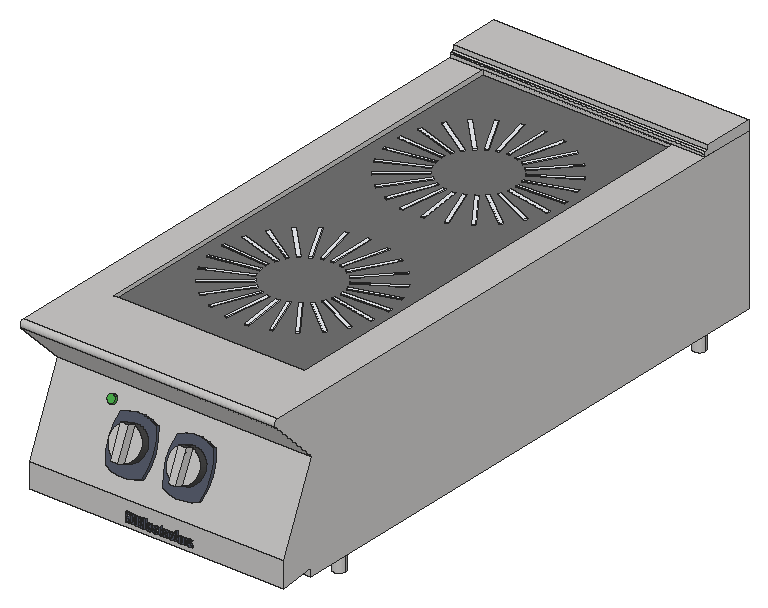
Revit family "QF_ELECTROLUXPROFESSIONAL_391044_E9IRED2000", category Specialty Equipment, Revit 2018 (continued)
Definition of nested family "INDUCTION BURNER"
  Automatic sketch dimensions
    curve 11 to curve 12 = 1.243 mm
    curve 9 to curve 3 = 1.206 mm
    curve 90 to curve 91 = 4.222 mm
    curve 91 to curve 94 = 21.576 mm
    plane 1 "BACK" to Extrusion 1 sketch curve = 0 mm
    plane 3 "LEFT" to Extrusion 1 sketch curve = 0.103 mm
    plane 3 "LEFT" to Extrusion 1 sketch curve = 0.416 mm
    plane 3 "LEFT" to Extrusion 1 sketch curve = 1.861 mm
    plane 3 "LEFT" to Extrusion 1 sketch curve = 2.798 mm
    plane 3 "LEFT" to Extrusion 1 sketch curve = 5.664 mm
    Extrusion 1 sketch curve to Extrusion 1 sketch curve = 1.545 mm  (x2)
    plane 3 "LEFT" to Extrusion 1 sketch curve = 11.451 mm
    Extrusion 1 sketch curve to Extrusion 1 sketch curve = 2.129 mm  (x2)
    plane 3 "LEFT" to Extrusion 1 sketch curve = 19.131 mm
    Extrusion 1 sketch curve to Extrusion 1 sketch curve = 2.679 mm  (x2)
    Extrusion 1 sketch curve to Extrusion 1 sketch curve = 15.004 mm
    Extrusion 1 sketch curve to Extrusion 1 sketch curve = 3.187 mm  (x2)
    Extrusion 1 sketch curve to Extrusion 1 sketch curve = 17.849 mm
    plane 1 "BACK" to Extrusion 1 sketch curve = 33.929 mm
    Extrusion 1 sketch curve to Extrusion 1 sketch curve = 3.645 mm  (x2)
    Extrusion 1 sketch curve to Extrusion 1 sketch curve = 20.413 mm  (x2)
    Extrusion 1 sketch curve to plane 5 "FRONT" = 23.645 mm  (x2)
    Extrusion 1 sketch curve to Extrusion 1 sketch curve = 4.045 mm  (x2)
    Extrusion 1 sketch curve to Extrusion 1 sketch curve = 22.654 mm  (x2)
    plane 1 "BACK" to Extrusion 1 sketch curve = 15.061 mm  (x2)
    Extrusion 1 sketch curve to Extrusion 1 sketch curve = 4.382 mm  (x2)
    plane 8 "Center X" to Extrusion 1 sketch curve = 1.158 mm  (x2)
    Extrusion 1 sketch curve to plane 7 "Center Y" = 58.228 mm
    Extrusion 1 sketch curve to plane 8 "Center X" = 8.447 mm  (x2)
    Extrusion 1 sketch curve to Extrusion 1 sketch curve = 0.604 mm
    plane 8 "Center X" to Extrusion 1 sketch curve = 15.603 mm  (x2)
    Extrusion 1 sketch curve to Extrusion 1 sketch curve = 1.803 mm  (x2)
    Extrusion 1 sketch curve to plane 8 "Center X" = 22.512 mm  (x2)
    Extrusion 1 sketch curve to Extrusion 1 sketch curve = 2.974 mm  (x2)
    Extrusion 1 sketch curve to plane 5 "FRONT" = 10.155 mm
    Extrusion 1 sketch curve to Extrusion 1 sketch curve = 24.538 mm  (x2)
    Extrusion 1 sketch curve to Extrusion 1 sketch curve = 4.098 mm  (x2)
    Extrusion 1 sketch curve to Extrusion 1 sketch curve = 5.157 mm  (x2)
    Extrusion 1 sketch curve to plane 5 "FRONT" = 8.314 mm  (x2)
    Extrusion 1 sketch curve to Extrusion 1 sketch curve = 4.649 mm  (x2)
    Extrusion 1 sketch curve to Extrusion 1 sketch curve = 6.135 mm  (x2)
    Extrusion 1 sketch curve to Extrusion 1 sketch curve = 7.016 mm  (x2)
    plane 1 "BACK" to Extrusion 1 sketch curve = 4.753 mm
    Extrusion 1 sketch curve to Extrusion 1 sketch curve = 26.036 mm  (x2)
    plane 1 "BACK" to Extrusion 1 sketch curve = 3.51 mm  (x2)
    Extrusion 1 sketch curve to Extrusion 1 sketch curve = 4.843 mm  (x2)
    Extrusion 1 sketch curve to Extrusion 1 sketch curve = 7.786 mm  (x2)
    Extrusion 1 sketch curve to Extrusion 1 sketch curve = 8.434 mm  (x2)
    Extrusion 1 sketch curve to plane 5 "FRONT" = 1.35 mm
    Extrusion 1 sketch curve to plane 7 "Center Y" = 18.962 mm
    Extrusion 1 sketch curve to Extrusion 1 sketch curve = 8.949 mm  (x2)
    Extrusion 1 sketch curve to plane 5 "FRONT" = 0.724 mm  (x2)
    Extrusion 1 sketch curve to Extrusion 1 sketch curve = 4.961 mm  (x2)
    Extrusion 1 sketch curve to Extrusion 1 sketch curve = 9.322 mm  (x2)
    Extrusion 1 sketch curve to plane 7 "Center Y" = 2.5 mm
    plane 7 "Center Y" to Extrusion 1 sketch curve = 2.5 mm
    plane 7 "Center Y" to Extrusion 1 sketch curve = 4.812 mm
    Extrusion 1 sketch curve to Extrusion 1 sketch curve = 9.549 mm
    plane 7 "Center Y" to Extrusion 1 sketch curve = 14.001 mm
    Extrusion 1 sketch curve to Extrusion 1 sketch curve = 27.781 mm
    Extrusion 1 sketch curve to Extrusion 1 sketch curve = 27.122 mm
    plane 8 "Center X" to Extrusion 1 sketch curve = 29.067 mm
    plane 8 "Center X" to Extrusion 1 sketch curve = 20.358 mm
    Extrusion 1 sketch curve to plane 8 "Center X" = 13.359 mm
    Extrusion 1 sketch curve to Extrusion 1 sketch curve = 0.937 mm
    plane 8 "Center X" to Extrusion 1 sketch curve = 6.149 mm
    Extrusion 1 sketch curve to Extrusion 1 sketch curve = 0.314 mm
    Extrusion 1 sketch curve to plane 4 "RIGHT" = 21.81 mm
    Extrusion 1 sketch curve to plane 4 "RIGHT" = 13.58 mm
    Extrusion 1 sketch curve to plane 4 "RIGHT" = 7.209 mm
    Extrusion 1 sketch curve to plane 4 "RIGHT" = 2.798 mm
    Extrusion 1 sketch curve to plane 4 "RIGHT" = 0.416 mm
    Extrusion 1 sketch curve to Extrusion 1 sketch curve = 0.627 mm
    Extrusion 1 sketch curve to Extrusion 1 sketch curve = 1.841 mm
    Extrusion 1 sketch curve to Extrusion 1 sketch curve = 2.939 mm  (x2)
    Extrusion 1 sketch curve to Extrusion 1 sketch curve = 19.169 mm  (x2)
    Extrusion 1 sketch curve to Extrusion 1 sketch curve = 3.853 mm  (x2)
    Extrusion 1 sketch curve to Extrusion 1 sketch curve = 23.643 mm  (x2)
    Extrusion 1 sketch curve to plane 8 "Center X" = 27.096 mm
    plane 8 "Center X" to Extrusion 1 sketch curve = 5.762 mm
    Extrusion 1 sketch curve to Extrusion 1 sketch curve = 4.755 mm
    Extrusion 1 sketch curve to Extrusion 1 sketch curve = 8.709 mm
    Extrusion 1 sketch curve to Extrusion 1 sketch curve = 4.222 mm  (x2)
    Extrusion 1 sketch curve to Extrusion 1 sketch curve = 7.416 mm  (x2)
    Extrusion 1 sketch curve to Extrusion 1 sketch curve = 3.423 mm
    Extrusion 1 sketch curve to Extrusion 1 sketch curve = 5.657 mm  (x2)
    Extrusion 1 sketch curve to Extrusion 1 sketch curve = 3.543 mm
    Extrusion 1 sketch curve to Extrusion 1 sketch curve = 1.206 mm
